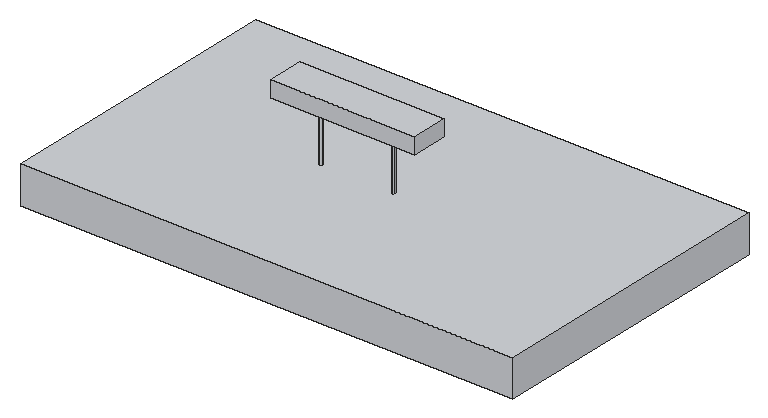
Revit family "M_Iluminação pendente", category Luminárias, Revit 2019
Family settings
  Hospedeiro = Face
  Cota do conector redondo = Utilizar diâmetro
  Tipo de parte = Normal
  Número OmniClass = 23.80.70.11.11
  Título OmniClass = General Luminaries, Non Directional
  ID de item do Seek = Pendant Lighting Fixture-0000-CAN-ENU
  Corte com vazios quando carregada = Não
  Fonte luminosa = Sim
  Compartilhado = Não
  Ponto de cálculo do ambiente = Não
Parameters (values of type "300x1200 - 120V")
  Largura = 300 mm
  Wattage = 64 W
  built-in parameter 1150110 = 1 (stored number, unit not read)
  built-in parameter 1150109 = 1 (stored number, unit not read)
  built-in parameter 1150134 = 8
  built-in parameter 1150113 = 1 (stored number, unit not read)
  Tilt Angle = -90.00°
  Arquivo de rede fotométrica = "p1x42.ies"
  Comprimento do pendente [instance] = 450 mm
  Lumens = 5699.84 lm
  built-in parameter 1114217 = 0.88 (stored number, unit not read)
  built-in parameter 1150115 = 1 (stored number, unit not read)
  built-in parameter 1150105 = 453.58 (stored number, unit not read)
  Classificação de carga = Iluminação - Unidade de interrupção
  built-in parameter 1150137 = 1
  built-in parameter 1150139 = (empty or 0)
  Comprimento = 1200 mm
  built-in parameter 1150112 = 1 (stored number, unit not read)
  built-in parameter 1150114 = 1 (stored number, unit not read)
  built-in parameter 1150132 = (empty or 0)
  built-in parameter 1150102 = (empty or 0)
  built-in parameter 1150138 = (empty or 0)
  built-in parameter 1150107 = 4230 (stored number, unit not read)
  built-in parameter 1150106 = 4.5358 (stored number, unit not read)
  Emitir da largura do retângulo = Largura  # 300 mm
  Emitir do comprimento do retângulo = Comprimento  # 1200 mm
  Emit Shape Visible in Rendering = no
  built-in parameter 1150104 = 8.2739 (stored number, unit not read)
  Dimming Lamp Color Temperature Shift = (empty or 0)
  Linear = 137.5 mm
  Elevação-padrão = 2000 mm
  Color Filter = 16777215
  built-in parameter 1140040 [instance] = 1
  Voltagem do transformador = 120 V
  built-in parameter 1114218 = 0.88 (stored number, unit not read)
  built-in parameter 1150133 = 10 (stored number, unit not read)
  Assembly Code = ""
  Apparent Load = 64 VA
Types (6, lengths in mm): name | Largura | Wattage | Arquivo de rede fotométrica | Lumens | built-in parameter 1150105 | Comprimento | built-in parameter 1150106 | Emitir da largura do retângulo | Emitir do comprimento do retângulo | Voltagem do transformador | Apparent Load
  300x1200 - 120V | 300 | 64 W | "p1x42.ies" | 5699.84 lm | 453.58 (stored number, unit not read) | 1200 | 4.5358 (stored number, unit not read) | 300 | 1200 | 120 V | 64 VA
  300x1200 - 277V | 300 | 64 W | "p1x42.ies" | 5699.84 lm | 453.58 (stored number, unit not read) | 1200 | 4.5358 (stored number, unit not read) | 300 | 1200 | 277 V | 64 VA
  300x2400 - 120V | 300 | 128 W | "p1x82.ies" | 11399.7 lm | 907.16 (stored number, unit not read) | 2400 | 9.0716 (stored number, unit not read) | 300 | 2400 | 120 V | 128 VA
  300x2400 - 277V | 300 | 128 W | "p1x82.ies" | 11399.7 lm | 907.16 (stored number, unit not read) | 2400 | 9.0716 (stored number, unit not read) | 300 | 2400 | 277 V | 128 VA
  460x1200 - 120V | 450 | 128 W | "P18X44.ies" | 11399.7 lm | 907.16 (stored number, unit not read) | 1200 | 9.0716 (stored number, unit not read) | 450 | 1200 | 120 V | 128 VA
  460x1200 - 277V | 450 | 128 W | "P18X44.ies" | 11399.7 lm | 907.16 (stored number, unit not read) | 1200 | 9.0716 (stored number, unit not read) | 450 | 1200 | 277 V | 128 VA
Reference planes
  plane 1 "Centro (Frente/Trás)": y = -101.6
  plane 2: z = 0
  plane 3 "Centro (Esquerda/Direita)": x = 0
  plane 4: x = 600
  plane 5: x = 1200
  plane 6: y = 48.4
  plane 7: y = -251.6
  plane 8: z = 450
  plane 9: z = 587.5
  plane 10: x = 300
  plane 11: x = 900
  plane 12: z = 518.75
Forms (mm)
  Extrusion 1, solid
    sketch origin (0, 0, 0) x (1, 0, 0) y (0, 1, 0)
      loop
        line (-1219.2, 1117.6) -> (-1219.2, -1320.8) -> (2865.542, -1320.8) -> (2865.542, 1117.6) -> (-1219.2, 1117.6)
    from 0 to -304.8
  Extrusion 2, solid
    sketch origin (0, 0, 0) x (1, 0, 0) y (0, 1, 0)
      loop
        line (0, 48.4) -> (0, -251.6) -> (1200, -251.6) -> (1200, 48.4) -> (0, 48.4)
    from 450 to 587.5
  Extrusion 3, solid
    sketch origin (0, 0, 0) x (1, 0, 0) y (0, 1, 0)
      loop
        arc (300, -88.9) -> (291.02, -92.62) -> (287.3, -101.6) r 12.7
        arc (287.3, -101.6) -> (291.02, -110.58) -> (300, -114.3) r 12.7
        arc (300, -114.3) -> (308.98, -110.58) -> (312.7, -101.6) r 12.7
        arc (312.7, -101.6) -> (308.98, -92.62) -> (300, -88.9) r 12.7
      loop
        arc (900, -88.9) -> (891.02, -92.62) -> (887.3, -101.6) r 12.7
        arc (887.3, -101.6) -> (891.02, -110.58) -> (900, -114.3) r 12.7
        arc (900, -114.3) -> (908.98, -110.58) -> (912.7, -101.6) r 12.7
        arc (912.7, -101.6) -> (908.98, -92.62) -> (900, -88.9) r 12.7
    from 0 to 450
Lines and regions (mm)
  symbolic lines
    curve 1: line (0, 48.4, 0) -> (1200, 48.4, 0)
    curve 2: line (0, -251.6, 0) -> (0, 48.4, 0)
    curve 3: line (1200, -251.6, 0) -> (0, -251.6, 0)
    curve 4: line (1200, 48.4, 0) -> (1200, -251.6, 0)
    curve 5: circle (300, -101.6, 0) r 12.7 normal (0, 0, 1)
    curve 6: circle (900, -101.6, 0) r 12.7 normal (0, 0, 1)
Dimensions and locks
  equal spacing: plane 3 "Centro (Esquerda/Direita)", plane 4, plane 5
  "Comprimento": plane 3 "Centro (Esquerda/Direita)" to plane 5
  equal spacing: plane 6, plane 1 "Centro (Frente/Trás)", plane 7
  "Largura": plane 6 to plane 7
  "Comprimento do pendente": Extrusion 1 to plane 8
  "Linear": plane 8 to plane 9
  equal spacing: plane 3 "Centro (Esquerda/Direita)", plane 10, plane 4
  equal spacing: plane 4, plane 11, plane 5
  equal spacing: plane 9, plane 12, plane 8
  aligned and locked: Extrusion 1 to plane 2
  aligned and locked: Extrusion 1 to level
  aligned and locked: Extrusion 2 to plane 3 "Centro (Esquerda/Direita)"
  aligned and locked: plane 5 to Extrusion 2
  aligned and locked: plane 6 to Extrusion 2
  aligned and locked: Extrusion 2 to plane 7
  aligned and locked: Extrusion 2 to plane 8
  aligned and locked: plane 9 to Extrusion 2
  aligned and locked: plane 8 to Extrusion 3
  aligned and locked: Extrusion 3 to Extrusion 1
  aligned and locked: plane 10 to Extrusion 3 sketch curve
  aligned and locked: plane 1 "Centro (Frente/Trás)" to Extrusion 3 sketch curve  (x3)
  aligned and locked: plane 11 to Extrusion 3 sketch curve  (x2)
  aligned and locked: curve 1 to Extrusion 2  (x2)
  aligned and locked: Extrusion 2 to curve 4
  aligned and locked: curve 4 to Extrusion 2
  aligned and locked: curve 5 to Extrusion 3
  aligned and locked: curve 6 to Extrusion 3
  aligned and locked: imposter light to plane 1 "Centro (Frente/Trás)"
  aligned and locked: plane 4 to imposter light
  aligned and locked: plane 9 to imposter light
Automatic sketch dimensions
  Extrusion 2 sketch curve to plane 3 "Centro (Esquerda/Direita)" = 0 mm
  Extrusion 2 sketch curve to plane 5 = 0 mm
  Extrusion 2 sketch curve to plane 7 = 0 mm
  Extrusion 2 sketch curve to plane 6 = 0 mm
  Extrusion 3 sketch curve to Extrusion 3 sketch curve = 0 mm
  Extrusion 3 sketch curve to Extrusion 3 sketch curve = 12.7 mm
  Extrusion 3 sketch curve to plane 11 = 12.7 mm
  Extrusion 1 sketch curve to Extrusion 1 sketch curve = 4084.742 mm
  Extrusion 1 sketch curve to Extrusion 1 sketch curve = 2438.4 mm
Connectors
  electrical at (600, -101.6, 450), driven by "Apparent Load", driven by "Voltagem do transformador", driven by "Classificação de carga"
    settings: on Extrusion 2, index 1, voltage 120 V, apparent load 0 VA, apparent load phase1 64 VA, apparent load phase2 0 VA, apparent load phase3 0 VA, power factor 0.95, load classification "Iluminação - Unidade de interrupção", number of poles 1, system type 31, power factor state 1, is connector primary yes, connector utility no, sub classification motor no, connector description ""
